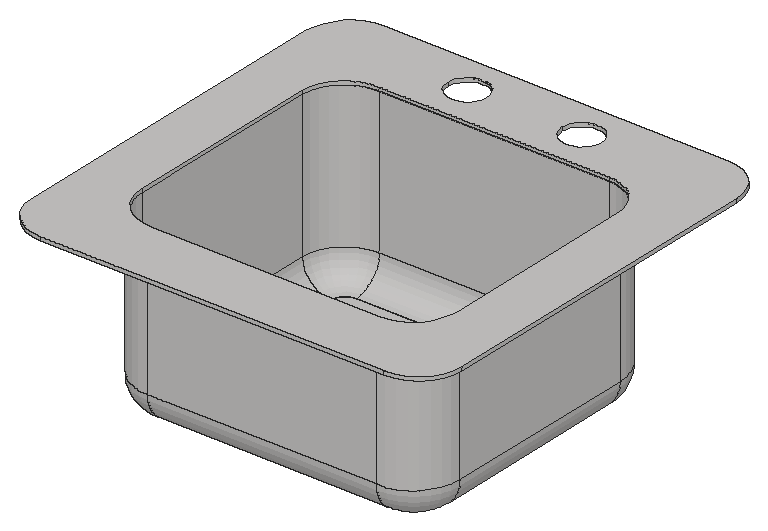
Revit family "QF_Vollrath_155-4", category Specialty Equipment, Revit 2016
Family settings
  Part Type = Normal
  Round Connector Dimension = Use Diameter
  OmniClass Number = 23.40.40.14.31
  OmniClass Title = Cleaning and Disposal Equipment
  Work Plane-Based = Yes
  Always vertical = Yes
  Cut with Voids When Loaded = No
  Shared = No
  Room Calculation Point = No
Parameters (values of type "155-4")
  Width = 1' - 3"
  Weight in Pounds = 0
  Watermarked By = "http://revitwatermark.com"
  URL Cutsheet = ""
  Status [instance] = ""
  Specification by User [instance] = ""
  Specification by Manufacturer [instance] = ""
  Sink Width = 0' - 11"
  Sink Depth = 0' - 10"
  Sink Basin Depth = 0' - 6 3/16"
  Serial Number [instance] = ""
  Seismic Rating [instance] = ""
  SMACNA No [instance] = ""
  Revision Code [instance] = ""
  NAFEM Spec ID Number [instance] = ""
  Model = "155-4"
  Masterspec [instance] = ""
  Manufacturer = "Vollrath"
  Item Number [instance] = "-"
  Installed By [instance] = ""
  Indirect Waste Size = 2"
  Indirect Waste Flow [instance] = 0.00 GPM
  Indirect Waste Connection Type [instance] = ""
  Indirect Waste Connection Height [instance] = 0' - 0"
  Furnished By [instance] = ""
  Foodservice Equipment Identifier [instance] = yes
  Description = "Bar Sink"  # constant formula
  Depth = 1' - 3"
  Default Elevation = 4' - 0"
  CSI MasterFormat = ""
  Assembly Code = ""
Types (3): name | Model
  155-4 | "155-4"
  1554-C | "1554-C"
  K1554-C | "K1554-C"
Reference planes (in)
  plane 1 "BACK": y = 0
  plane 2 "BOTTOM": z = 0
  plane 3 "LEFT": x = 0
  plane 4 "RIGHT": x = 15
  plane 5 "FRONT": y = -15
  plane 6: x = 7.5
  plane 7: y = -7.71875
  plane 8: y = -2
  plane 9: y = -2.71875
  plane 10: y = -12.71875
  plane 11: x = 2
  plane 12: x = 13
  plane 13 "Sink Bottom": z = -6.1875
Forms (in)
  Sweep 1, solid, material "QF_Finishes_Stainless Steel"
    path origin (0, 0, 0) x (1, 0, 0) y (0, 1, 0)
      loop
        arc (3.5, -2.71875) -> (2.43934, -3.15809) -> (2, -4.21875) r 1.5
        line (2, -4.21875) -> (2, -11.21875)
        arc (2, -11.21875) -> (2.43934, -12.27941) -> (3.5, -12.71875) r 1.5
        line (3.5, -12.71875) -> (11.5, -12.71875)
        arc (11.5, -12.71875) -> (12.56066, -12.27941) -> (13, -11.21875) r 1.5
        line (13, -11.21875) -> (13, -4.21875)
        arc (13, -4.21875) -> (12.56066, -3.15809) -> (11.5, -2.71875) r 1.5
        line (11.5, -2.71875) -> (3.5, -2.71875)
    profile origin (7.5, -2.71875, 0) x (0, 1, 0) y (0, 0, 1)
      loop
        line (0, 0) -> (0, -5.0625)
        arc (0, -5.0625) -> (-0.29289, -5.76961) -> (-1, -6.0625) r 1
        line (-1, -6.0625) -> (-1, -6.1875)
        arc (-1, -6.1875) -> (-0.2045, -5.858) -> (0.125, -5.0625) r 1.125
        line (0.125, -5.0625) -> (0.125, 0) -> (0, 0)
  Extrusion 2, solid, material "QF_Finishes_Stainless Steel"
    sketch origin (0, 0, -6.1875) x (-1, 0, 0) y (0, -1, 0)
      loop
        line (-11.5, 3.71875) -> (-3.5, 3.71875)
        arc (-3.5, 3.71875) -> (-3.14645, 3.8652) -> (-3, 4.21875) r 0.5
        line (-3, 4.21875) -> (-3, 11.21875)
        arc (-3, 11.21875) -> (-3.14645, 11.5723) -> (-3.5, 11.71875) r 0.5
        line (-3.5, 11.71875) -> (-11.5, 11.71875)
        arc (-11.5, 11.71875) -> (-11.85355, 11.5723) -> (-12, 11.21875) r 0.5
        line (-12, 11.21875) -> (-12, 4.21875)
        arc (-12, 4.21875) -> (-11.85355, 3.8652) -> (-11.5, 3.71875) r 0.5
      loop
        circle (-7.5, 7.71875) r 1.75
    from 0 to 0.125
  Extrusion 3, solid, material "QF_Finishes_Stainless Steel"
    sketch origin (0, 0, 0) x (1, 0, 0) y (0, 1, 0)
      loop
        arc (1.5, 0) -> (0.43934, -0.43934) -> (0, -1.5) r 1.5
        line (0, -1.5) -> (0, -13.5)
        arc (0, -13.5) -> (0.43934, -14.56066) -> (1.5, -15) r 1.5
        line (1.5, -15) -> (13.5, -15)
        arc (13.5, -15) -> (14.56066, -14.56066) -> (15, -13.5) r 1.5
        line (15, -13.5) -> (15, -1.5)
        arc (15, -1.5) -> (14.56066, -0.43934) -> (13.5, 0) r 1.5
        line (13.5, 0) -> (1.5, 0)
      loop
        arc (2, -11.21875) -> (2.43934, -12.27941) -> (3.5, -12.71875) r 1.5
        line (3.5, -12.71875) -> (11.5, -12.71875)
        arc (11.5, -12.71875) -> (12.56066, -12.27941) -> (13, -11.21875) r 1.5
        line (13, -11.21875) -> (13, -4.21875)
        arc (13, -4.21875) -> (12.56066, -3.15809) -> (11.5, -2.71875) r 1.5
        line (11.5, -2.71875) -> (3.5, -2.71875)
        arc (3.5, -2.71875) -> (2.43934, -3.15809) -> (2, -4.21875) r 1.5
        line (2, -4.21875) -> (2, -11.21875)
      loop
        circle (9.5, -1.37133) r 0.6875
      loop
        circle (5.5, -1.37133) r 0.6875
    from 0 to 0.125
Lines and regions (in)
  symbolic lines
    curve 1: line (13.5, 0, 0) -> (1.5, 0, 0)
    curve 2: arc (1.5, 0, 0) -> (0.43934, -0.43934, 0) -> (0, -1.5, 0) r 1.5
    curve 3: line (0, -1.5, 0) -> (0, -13.5, 0)
    curve 4: arc (0, -13.5, 0) -> (0.43934, -14.56066, 0) -> (1.5, -15, 0) r 1.5
    curve 5: line (1.5, -15, 0) -> (13.5, -15, 0)
    curve 6: arc (13.5, -15, 0) -> (14.56066, -14.56066, 0) -> (15, -13.5, 0) r 1.5
    curve 7: line (15, -13.5, 0) -> (15, -1.5, 0)
    curve 8: arc (15, -1.5, 0) -> (14.56066, -0.43934, 0) -> (13.5, 0, 0) r 1.5
  symbolic lines, style "QF_Surface Details"
    curve 9: arc (4.8125, -1.37133, 0) -> (5.5, -0.68383, 0) -> (6.1875, -1.37133, 0) r 0.6875
    curve 10: arc (6.1875, -1.37133, 0) -> (5.5, -2.05883, 0) -> (4.8125, -1.37133, 0) r 0.6875
    curve 11: arc (10.1875, -1.37133, 0) -> (9.5, -2.05883, 0) -> (8.8125, -1.37133, 0) r 0.6875
    curve 12: arc (8.8125, -1.37133, 0) -> (9.5, -0.68383, 0) -> (10.1875, -1.37133, 0) r 0.6875
    curve 13: arc (5.75, -7.71875, 0) -> (7.5, -5.96875, 0) -> (9.25, -7.71875, 0) r 1.75
    curve 14: arc (9.25, -7.71875, 0) -> (7.5, -9.46875, 0) -> (5.75, -7.71875, 0) r 1.75
    curve 15: line (3.5, -2.71875, 0) -> (11.5, -2.71875, 0)
    curve 16: arc (2, -4.21875, 0) -> (2.43934, -3.15809, 0) -> (3.5, -2.71875, 0) r 1.5
    curve 17: line (2, -11.21875, 0) -> (2, -4.21875, 0)
    curve 18: arc (3.5, -12.71875, 0) -> (2.43934, -12.27941, 0) -> (2, -11.21875, 0) r 1.5
    curve 19: line (11.5, -12.71875, 0) -> (3.5, -12.71875, 0)
    curve 20: arc (13, -11.21875, 0) -> (12.56066, -12.27941, 0) -> (11.5, -12.71875, 0) r 1.5
    curve 21: line (13, -4.21875, 0) -> (13, -11.21875, 0)
    curve 22: arc (11.5, -2.71875, 0) -> (12.56066, -3.15809, 0) -> (13, -4.21875, 0) r 1.5
Dimensions and locks (in)
  "Width": plane 3 "LEFT" to plane 4 "RIGHT"
  "Depth": plane 5 "FRONT" to plane 1 "BACK"
  locked: plane 8 to plane 1 "BACK" at 2
  equal spacing: plane 9, plane 7, plane 10
  "Sink Depth": plane 9 to plane 10
  equal spacing: plane 3 "LEFT", plane 6, plane 4 "RIGHT"
  equal spacing: plane 11, plane 6, plane 12
  "Sink Width": plane 11 to plane 12
  "Sink Basin Depth": level to plane 13 "Sink Bottom"
  level to Sweep 1 sketch curve = 0' - 0"
  locked: Sweep 1 sketch curve to plane 9 at 0.125
  locked: plane 13 "Sink Bottom" to Sweep 1 sketch curve at 0.125
  plane 11 to plane 12 = 0' - 11"
  plane 9 to plane 10 = 0' - 10"
  locked: plane 8 to plane 9 at 0.71875
  Extrusion 3 sketch curve to Extrusion 3 sketch curve = 0' - 4"
  aligned and locked: level to plane 2 "BOTTOM"
  aligned and locked: Sweep 1 sketch curve to plane 9
  aligned and locked: plane 11 to Sweep 1 sketch curve
  aligned and locked: plane 10 to Sweep 1 sketch curve
  aligned and locked: Sweep 1 sketch curve to plane 12
  aligned and locked: plane 9 to Sweep 1 sketch curve
  aligned and locked: plane 13 "Sink Bottom" to Sweep 1 sketch curve
  aligned and locked: Extrusion 2 sketch curve to Sweep 1  (x4)
  aligned and locked: Extrusion 3 sketch curve to Sweep 1  (x4)
Automatic sketch dimensions
  plane 11 to Sweep 1 sketch curve = 0' - 1 1/2"  (x2)
  Sweep 1 sketch curve to plane 12 = 0' - 1 1/2"
  Sweep 1 sketch curve to plane 9 = 0' - 1 1/2"
  Sweep 1 sketch curve to Sweep 1 sketch curve = 0' - 1"
  Extrusion 2 sketch curve to plane 7 = 0' - 0"
  Extrusion 2 sketch curve to Extrusion 2 sketch curve = 0' - 0 1/2"  (x4)
  plane 6 to Extrusion 2 sketch curve = 0' - 0"
  Extrusion 3 sketch curve to plane 3 "LEFT" = 0' - 0"
  plane 5 "FRONT" to Extrusion 3 sketch curve = 0' - 0"
  plane 1 "BACK" to Extrusion 3 sketch curve = 0' - 0"
  Extrusion 3 sketch curve to plane 4 "RIGHT" = 0' - 0"
  Extrusion 3 sketch curve to plane 11 = 0' - 0 1/2"  (x2)
  Extrusion 3 sketch curve to Extrusion 3 sketch curve = 0' - 1 1/2"  (x2)
  plane 11 to Extrusion 3 sketch curve = 0' - 1 1/2"
  plane 8 to Extrusion 3 sketch curve = 0' - 0.62867"  (x2)
  Extrusion 3 sketch curve to plane 6 = 0' - 2"
  Extrusion 3 sketch curve to plane 12 = 0' - 1 1/2"
  curve 2 to plane 3 "LEFT" = 0' - 0"
  plane 1 "BACK" to curve 2 = 0' - 0"
  plane 8 to curve 2 = 0' - 0 1/2"
  plane 12 to curve 1 = 0' - 0 1/2"
  curve 3 to plane 10 = 0' - 0 25/32"
  plane 5 "FRONT" to curve 4 = 0' - 0"
  plane 12 to curve 5 = 0' - 0 1/2"
  curve 6 to plane 4 "RIGHT" = 0' - 0"
  plane 8 to curve 10 = 0' - 0.62867"
  curve 10 to plane 6 = 0' - 2 11/16"
  curve 9 to curve 9 = 0' - 0 11/16"
  plane 6 to curve 12 = 0' - 1 5/16"
  curve 11 to curve 12 = 0' - 0 11/16"
  plane 8 to curve 11 = 0' - 0.62867"
  curve 14 to plane 7 = 0' - 0"
  curve 14 to plane 6 = 0' - 0"
  curve 14 to plane 6 = 0' - 1 3/4"
  curve 16 to plane 11 = 0' - 0"
  curve 20 to plane 12 = 0' - 0"
  curve 19 to plane 10 = 0' - 0"
  curve 18 to curve 18 = 0' - 1 1/2"
  curve 22 to plane 12 = 0' - 1 1/2"
  curve 20 to plane 12 = 0' - 1 1/2"
  curve 15 to plane 9 = 0' - 0"
  plane 11 to curve 15 = 0' - 1 1/2"
  plane 8 to Extrusion 3 sketch curve = 0' - 0 1/2"
  plane 12 to Extrusion 3 sketch curve = 0' - 0 1/2"
  radius of Extrusion 2 sketch curve = 0' - 1 3/4"
  radius of Extrusion 3 sketch curve = 0' - 0 11/16"  (x2)
Connectors (in)
  piping at (7.5, -7.71875, -6.1875), diameter 2, driven by "Indirect Waste Flow"
    settings: on Extrusion 2, index 1, connector inside diameter 2", connector length 0' - 0", flow factor 0, pipe flow 0.00 GPM, pressure drop 0.00 psi, fitting loss kfactor 0, connector angle 0.00°, fixture units 0, engagement length 0' - 0", angle of deflection 0.00°, flow configuration 1, flow direction 2, fitting loss method 0, system type 16, joint type 0, gender type 0, connector reference index -1, connector utility 0, adjustable connector no, is connector primary yes, connector description "IW"
